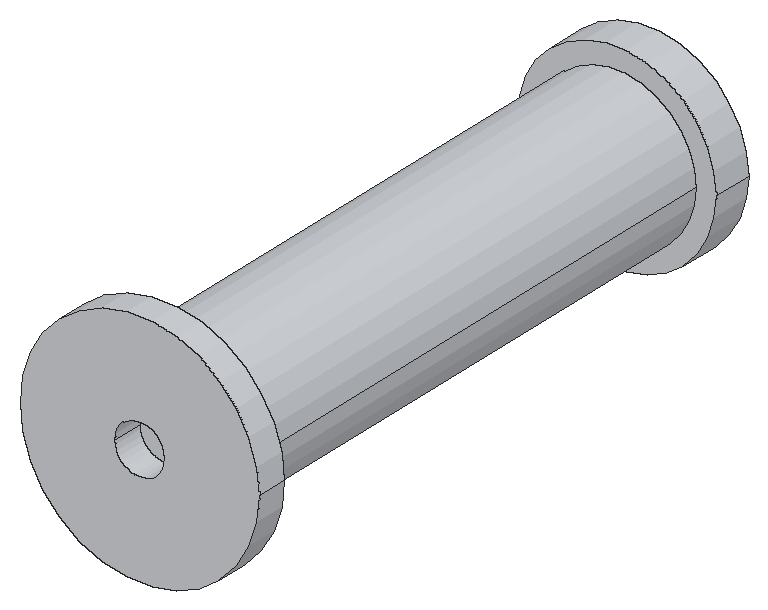
Revit family "AX7114_0008", category Appareils sanitaires, Revit 2016
Family settings
  Hôte = Mur
  Type d'élément = Normal
  Cote de connecteur circulaire = Utiliser le diamètre
  Numéro OmniClass = 23.75.00.00
  Titre OmniClass = Climate Control (HVAC)
  Toujours verticalement = Oui
  Couper avec des vides une fois chargée = Non
  Partagée = Non
  Point de calcul de pièce = Non
Parameters (values of type "Type 1")
  URL = "https://www.axeuro.com/fr/fixations-invisibles/23940-patere-ax7114.html?search_query=ax7114&results=2"
  Type de produit / Type of product = "Patère / Hook"  # constant formula
  Référence / Reference = "AX7114, AX7114P"  # constant formula
  Model = ""
  Manufacturer = ""
  Entreprise / Company = "Axeuro"  # constant formula
  Description = ""
Reference planes
  plane 1 "Mur": y = 0
  plane 2 "Centre (gauche/droite)": x = 0
  plane 3 "Arrière": y = 75
Forms (mm)
  Extrusion 1, solid
    sketch origin (0, 75, 0) x (1, 0, 0) y (0, 0, 1)
      loop
        circle (0, 1243.193) r 14.4
    from -3.7 to 0
  Extrusion 2, solid
    sketch origin (47.02, 75, 16.924) x (1, 0, 0) y (0, 0, 1)
      loop
        circle (-47.02, 1226.268) r 9.5
    from -71.8 to -3.7
  Extrusion 3, solid
    sketch origin (24.33, 75, 31.533) x (1, 0, 0) y (0, 0, 1)
      loop
        circle (-24.33, 1211.66) r 12
    from -76.6 to -71.8
  Extrusion 4, void
    sketch origin (-41.195, 0, 2.89) x (1, 0, 0) y (0, 0, 1)
      loop
        circle (41.195, 1240.303) r 3
    from -78.7 to -75
Cuts and joins
  Extrusion 4 cuts Extrusion 1
Lines and regions (mm)
  reference lines
    curve 1: line (0.309, 277.747, 0) -> (0.309, 280.445, 0)
Text (mm)
  text "Côté de la mise en place" at (-1820.995, 1116.779, 0), in view "Niveau de réf."
  text "Côté de la mise en place" at (0, 1334.055, 2976.191), in view "Gauche"
  text "Côté de la mise en place" at (0, 439.194, 2944.362), in view "Droite"
Dimensions and locks
  locked: plane 3 "Arrière" to host wall
  aligned and locked: plane 1 "Mur" to host wall
